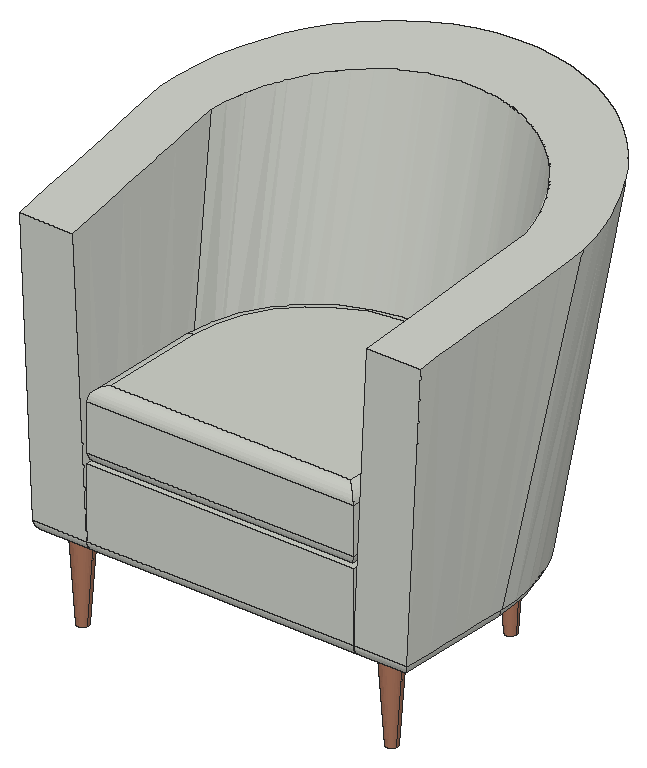
Revit family
Reference planes
  plane 1 "Center (Front/Back)": y = 0
  plane 2: z = 0
  plane 3 "Center (Left/Right)": x = 0
  plane 4: through (0, 360, 780) normal (0, -0.1392, 0.9903)
  plane 5: z = 150
Forms (mm)
  Extrusion 1, solid, material "textil"
    sketch origin (0, 0, 0) x (1, 0, 0) y (0, 1, 0)
      loop
        arc (250, -140) -> (0, 110) -> (-250, -140) r 250
        line (-250, -140) -> (-250, -360) -> (250, -360) -> (250, -140)
    from 300 to 430
  Sweep 2, void
    path origin (0, 0, 430) x (1, 0, 0) y (0, 1, 0)
      loop
        line (-250, -140) -> (-250, -360) -> (250, -360) -> (250, -140)
        arc (250, -140) -> (0, 110) -> (-250, -140) r 250
    profile origin (-250, -250, 430) x (1, 0, 0) y (0, 0, 1)
      loop
        line (0, 0) -> (0, -25)
        arc (0, -25) -> (7.322, -7.322) -> (25, 0) r 25
        line (25, 0) -> (0, 0)
  Sweep 3, void
    path origin (0, 0, 300) x (1, 0, 0) y (0, 1, 0)
      loop
        line (250, -360) -> (250, -140)
        arc (250, -140) -> (0, 110) -> (-250, -140) r 250
        line (-250, -140) -> (-250, -360) -> (250, -360)
    profile origin (0, -360, 300) x (0, -1, 0) y (0, 0, 1)
      loop
        line (0, 0) -> (0, 20)
        arc (0, 20) -> (-5.858, 5.858) -> (-20, 0) r 20
        line (-20, 0) -> (0, 0)
  Blend 4, solid, material "textil"
    base sketch origin (0, 0, 0) x (1, 0, 0) y (0, 1, 0)
      loop
        arc (-250, -140) -> (0, 110) -> (250, -140) r 250
        line (250, -140) -> (250, -360) -> (350, -360) -> (350, -140)
        arc (350, -140) -> (0, 210) -> (-350, -140) r 350
        line (-350, -140) -> (-350, -360) -> (-250, -360) -> (-250, -140)
    top sketch origin (0, 0, 0) x (1, 0, 0) y (0, 1, 0)
      loop
        line (-400.431, 8.232) -> (-381.133, -360) -> (-280.996, -360) -> (-299.782, -1.536)
        arc (-299.782, -1.536) -> (0, 238.22) -> (299.782, -1.536) r 307.296
        line (299.782, -1.536) -> (280.996, -360) -> (381.133, -360) -> (400.431, 8.232)
        arc (400.431, 8.232) -> (0, 360) -> (-400.431, 8.232) r 403.797
    from 150 to 780
  Extrusion 5, void
    sketch origin (0, 0, 0) x (0, 1, 0) y (0, 0, 1)
      loop
        line (448.759, 792.474) -> (448.759, 834.744) -> (-531.241, 834.744) -> (-531.241, 654.744) -> (448.759, 792.474)
    from -463.016 to 430
  Sweep 6, void
    path origin (0, 0, 150) x (1, 0, 0) y (0, 1, 0)
      loop
        line (-350, -360) -> (350, -360) -> (350, -140)
        arc (350, -140) -> (0, 210) -> (-350, -140) r 350
        line (-350, -140) -> (-350, -360)
    profile origin (-350, -250, 150) x (-1, 0, 0) y (0, 0, 1)
      loop
        line (-20, 0) -> (-20, -40) -> (40, -40) -> (40, 20) -> (0, 20)
        arc (0, 20) -> (-5.858, 5.858) -> (-20, 0) r 20
  Extrusion 7, solid, material "textil"
    sketch origin (0, 449.071, 150) x (0, 1, 0) y (-1, 0, 0)
      loop
        line (-589.071, 250) -> (-809.071, 250) -> (-809.071, -250) -> (-589.071, -250)
        arc (-589.071, -250) -> (-339.071, 0) -> (-589.071, 250) r 250
    from 0 to 150
  Sweep 8, void
    path origin (0, 0, 150) x (1, 0, 0) y (0, 1, 0)
      loop
        line (-250, -360) -> (250, -360)
    profile origin (0, -360, 150) x (0, 1, 0) y (0, 0, 1)
      loop
        line (0, 0) -> (20, 0)
        arc (20, 0) -> (5.858, 5.858) -> (0, 20) r 20
        line (0, 20) -> (0, 0)
  Blend 9, solid, material "drevene nohy"
    base sketch origin (25.567, -26, 0) x (1, 0, 0) y (0, 1, 0)
      loop
        circle (-315.567, -294) r 10
    top sketch origin (25.567, -26, 0) x (1, 0, 0) y (0, 1, 0)
      loop
        circle (-315.567, -294) r 20
    from 0 to 150
  Blend 10, solid, material "drevene nohy"
    base sketch origin (-25.567, -26, 0) x (-1, 0, 0) y (0, -1, 0)
      loop
        circle (-315.567, 294) r 10
    top sketch origin (-25.567, -26, 0) x (-1, 0, 0) y (0, -1, 0)
      loop
        circle (-315.567, 294) r 20
    from 0 to 150
  Blend 11, solid, material "drevene nohy"
    base sketch origin (98.81, 345.364, 0) x (1, 0, 0) y (0, 1, 0)
      loop
        circle (-315.567, -294) r 10
    top sketch origin (98.81, 345.364, 0) x (1, 0, 0) y (0, 1, 0)
      loop
        circle (-315.567, -294) r 20
    from 0 to 150
  Blend 12, solid, material "drevene nohy"
    base sketch origin (-98.81, 345.364, 0) x (-1, 0, 0) y (0, -1, 0)
      loop
        circle (-315.567, 294) r 10
    top sketch origin (-98.81, 345.364, 0) x (-1, 0, 0) y (0, -1, 0)
      loop
        circle (-315.567, 294) r 20
    from 0 to 150
Cuts and joins
  Sweep 2, Sweep 3 cuts Extrusion 1
  Extrusion 5, Sweep 6, Sweep 8 cuts Blend 4
  Sweep 8 cuts Extrusion 7
Lines and regions (mm)
  model lines
    curve 1: line (-381.133, -360, 0) -> (381.133, -360, 0)
    curve 2: line (-250, -140, 0) -> (-250, -360, 0)
    curve 3: line (250, -140, 0) -> (250, -360, 0)
    curve 4: arc (-400, 0, 0) -> (-272.347, 260.385, 0) -> (0, 360, 0) r 388.802
    curve 5: arc (400, 0, 0) -> (272.347, 260.385, 0) -> (0, 360, 0) r 388.802
    curve 6: line (-400, 0, 0) -> (-381.133, -360, 0)
    curve 7: line (400, 0, 0) -> (381.133, -360, 0)
    curve 8: arc (250, -140, 0) -> (0, 110, 0) -> (-250, -140, 0) r 250
